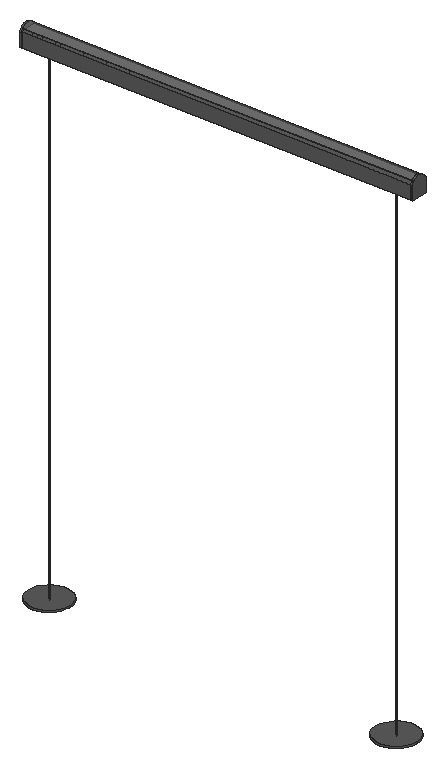
Revit family "Lighting_Linear_LED_Startek_Nova-2z", category Lighting Fixtures, host Face, Revit 2019
Family settings
  Host = Face
  Round Connector Dimension = Use Diameter
  Part Type = Normal
  OmniClass Number = 23.80.70.11
  OmniClass Title = Luminaries for Internal Lighting
  Cut with Voids When Loaded = No
  Light Source = Yes
  Shared = No
  Room Calculation Point = No
Parameters (values of type "Not a Type - Load Type Catalog!")
  z_Middle [instance] = Run Option = z_Option Middle  # no
  Run Option [instance] = Run : Standalone Fixture
  Field Specified Cable Length Override [instance] = no
  End Mount Offset [instance] = 0.00"
  AL10 = Aircraft Cable : with Loop 10' (AL010)
  AL05 [instance] = Aircraft Cable : with Loop 5' (AL05)
  z_End [instance] = Run Option = z_Option End  # no
  z_Start [instance] = Run Option = z_Option Start  # no
  z_Standalone [instance] = Run Option = z_Option Standalone  # yes
  z_Option Start [instance] = Run : Start Fixture
  z_Option Standalone [instance] = Run : Standalone Fixture
  z_Option Middle [instance] = Run : Middle Fixture
  z_Option End [instance] = Run : End Fixture
  z_No of Connectors 1 [instance] = if(or(z_Start, z_Standalone, and(z_End, [Emergency Circuit - End Fixture])), 3, 2)  # 3
  z_Fixed Mounting Points [instance] = and(or(Run Option = z_Option Start, Run Option = z_Option Standalone), Pendant)  # yes
  z_Distance [instance] = if(Mounting = BX4, Cord distance + 0.53", if(or(z_Start, z_Standalone), (Cord distance * 2) + 0.53", if(and(Mounting = SM, or(z_Start, z_Standalone)), (Cord distance * 2) + 0.53", if(and(Mounting = TM, or(z_Start, z_Standalone)), (Cord distance * 2) + 0.53", if(and(Mounting = SM, Run Option = z_Option End), 0.53", if(and(Mounting = TM, Run Option = z_Option End), 0.53", if(and(or(Mounting = AL05, Mounting = AL10, Mounting = AC05, Mounting = AC10), Run Option = z_Option End, [Emergency Circuit - End Fixture]), 0.53", Cord distance + 0.53" - z_Adjustable Size Control)))))))  # 42.97"
  z_Adjustable Size Control [instance] = if(or(z_Standalone, z_Start), 0.00", if(End Mount Offset > Length / 2 - 2.58", Length / 2 - 2.58", End Mount Offset))  # 0.00"
  z_Adjustable Mounting Point [instance] = yes
  Width = 2.00"  # constant formula
  Weight = 0.00 lbf
  Wattage Comments = "Efficacy up to 145 lm/W"
  Wattage = 7.24638 W
  Voltage Range = "120-277V"
  built-in parameter 1150110 = 1 (stored number, unit not read)
  Voltage = 120 V
  URL = "https://starteklightingamerica.com/nova-2/"
  Type Comments = "Linear Lighting Fixture"  # constant formula
  built-in parameter 1114217 = 1 (stored number, unit not read)
  Tilt Angle = 90.00°  # constant formula
  built-in parameter 1150109 = 1 (stored number, unit not read)
  built-in parameter 1150134 = (empty or 0)
  TM = Mounting : T-Grid Mount (TM)
  built-in parameter 1150113 = 1 (stored number, unit not read)
  SM = Mounting : Surface Mount (SM)
  Product data url = "https://www.bimobject.com/startek-lighting/product/nova-2"
  Product Material [instance] = StarTek Lighting - Aluminum - Powder Coat Black
  Power Factor = 0.93
  Photometric Web File = "Generic Light Source Shown : Please download and link the IES file that best matches your fixture specification"
  Photometric Note = "Import IES files https://starteklightingamerica.com/"  # constant formula
  Phase = 1
  Pendant [instance] = and(not(CBX), not(CSM), not(Mounting = TM))  # yes
  Output = "Low"
  Number of Poles = 1
  Mounting [instance] = Aircraft Cable : with Canopy 5' (AC05)
  Mount Finish Note [instance] = "Aircraft cables can be ordered in white (with loop: ALW, with canopy: ACW) and black (with loop: ALB, with canopy: ACB)."  # constant formula
  Mount Finish [instance] = StarTek Lighting - Aluminum - Powder Coat Black
  Model = ""
  Min Cord/Rod Length [instance] = if(Mounting = TM, 10.00", 1.00")  # 1.00"
  Max Cord/Rod Length [instance] = if(or(Mounting = AC05, Mounting = AL05), 60.00", if(or(Mounting = AC10, Mounting = AL10), 120.00", 120.00"))  # 60.00"
  Manufacturer = "StarTek Lighting"  # constant formula
  MEP distance [instance] = if(and(not(CBX), Lamp length 4'), 21.21875", if(and(not(CBX), Lamp length 8'), 45.21875", 0.00"))  # 21.21875"
  Input Wattage = 33 W
  Emergency Circuit - End Fixture [instance] = no
  Distribution = "SD - SatinIne Diffuse"
  Cord/Rod Length [instance] = 60.00"
  Cord distance [instance] = Length / 2 - 2.78"  # 21.22"
  built-in parameter 1150105 = 79.577 (stored number, unit not read)
  Lumens = 1000 lm
  built-in parameter 1150115 = 1 (stored number, unit not read)
  Light Position [instance] = if(CBX, 0.25", 0.125")  # 0.125"
  built-in parameter 1150137 = (empty or 0)
  built-in parameter 1150139 = (empty or 0)
  Length = 48.00"
  Lamp length 8' = Length = 96.00"  # no
  Lamp length 4' = Length = 48.00"  # yes
  built-in parameter 1150112 = 1 (stored number, unit not read)
  built-in parameter 1150114 = 1 (stored number, unit not read)
  Lamp = "LED"  # constant formula
  Keynote = "16500"  # constant formula
  built-in parameter 1150132 = 2
  built-in parameter 1150102 = (empty or 0)
  built-in parameter 1150107 = 3500 (stored number, unit not read)
  built-in parameter 1150138 = (empty or 0)
  built-in parameter 1150106 = 0.79577 (stored number, unit not read)
  Height = 2.39844"  # constant formula
  Frequency = 60 Hz
  Description = "Nova 2"  # constant formula
  Emit from Rectangle Width = 1.50"  # constant formula
  Emit from Rectangle Length = Length - 0.11719"  # 47.88281"
  Emit Shape Visible in Rendering = 2 < 1  # no
  built-in parameter 1150104 = 12.821 (stored number, unit not read)
  Dimming Lamp Color Temperature Shift = <None>
  Default Elevation = 48.00"
  Cord/rod length parameter [instance] = if(CBX, 0.25", if(Mounting = SM, 0.00", if(and(or(Mounting = AC05, Mounting = AL05, Mounting = AC10, Mounting = AL10), not(Field Specified Cable Length Override)), [Max Cord/Rod Length], if(and(Field Specified Cable Length Override, [Cord/Rod Length] < [Min Cord/Rod Length]), [Min Cord/Rod Length], if(and(Field Specified Cable Length Override, [Cord/Rod Length] > [Max Cord/Rod Length]), [Max Cord/Rod Length], [Cord/Rod Length])))))  # 60.00"
  Color Filter = 16777215
  Color [instance] = "Available options: Powder Coat White (PW), Powder Coat Black (PB), Powder Coat Silver (PS), Powder Coat Other (PBO)"  # constant formula
  CTM [instance] = Mounting = TM  # no
  CSM [instance] = Mounting = SM  # no
  CBX [instance] = Mounting = BX4  # no
  built-in parameter 1114218 = 1 (stored number, unit not read)
  BX4 = Mounting : Box Mount 4" Square Mount (BX4)
  built-in parameter 1150133 = 10 (stored number, unit not read)
  Assembly Code = "D5020200"
  Apparent Load = Input Wattage / (Number of Poles * Power Factor)  # 35.4839 VA
  AC10 = Aircraft Cable : with Canopy 10' (AC10)
  AC05 = Aircraft Cable : with Canopy 5' (AC05)
Reference planes (in)
  plane 1 "Center (Front/Back)": y = 0
  plane 2: z = 0
  plane 3 "Center (Left/Right)": x = 0
  plane 4: z = 60
  plane 5: x = -21.22
  plane 6: x = 21.22
  plane 7: x = -21.75147
  plane 8: x = -20.68853
  plane 9: x = 20.68853
  plane 10: x = 21.75147
  plane 11: y = 1.5
  plane 12: y = -1.5
  plane 13: z = 0.125
  plane 14: x = 2
  plane 15: x = -2
  plane 16: y = -2
  plane 17: y = 2
  plane 18: x = -21.21875
  plane 19: x = 21.22
  plane 20 "left": x = -21.21853
  plane 21: x = -24
  plane 22: x = 24
  plane 23: x = -23.8
Forms (in)
  Extrusion 1, solid, not visible
    sketch origin (3.75, 0, -0.03147) x (1, 0, 0) y (0, 0, 1)
      loop
        line (-25.00022, 0.03147) -> (-25.00022, -0.03147) -> (-24.93728, -0.03147) -> (-24.93728, 0.03147) -> (-25.00022, 0.03147)
    from -0.01298 to 0.01043
  Extrusion 2, solid, material "StarTek Lighting - Aluminum - Powder Coat Black" <- "Product Material", visible <- "CSM"
    sketch origin (0, 0, 0) x (1, 0, 0) y (0, 1, 0)
      loop
        line (-21.75147, 1.5) -> (-21.75147, -1.5) -> (-20.68853, -1.5) -> (-20.68853, 1.5) -> (-21.75147, 1.5)
      loop
        line (20.68853, 1.5) -> (20.68853, -1.5) -> (21.75147, -1.5) -> (21.75147, 1.5) -> (20.68853, 1.5)
    from 0 to 0.125
  Extrusion 3, solid, material "StarTek Lighting - Aluminum - Powder Coat Black" <- "Product Material", visible <- "CBX"
    sketch origin (-24, 0, 0) x (1, 0, 0) y (0, 0, 1)
      loop
        line (22, 0.125) -> (22, 0) -> (26, 0) -> (26, 0.125) -> (22, 0.125)
    from -2 to 2
Dimensions and locks (in)
  locked: plane 4 to imposter light at 2.4
  "Cord/rod length parameter": plane 4 to plane 2
  "Cord distance": plane 3 "Center (Left/Right)" to plane 5
  Extrusion 1 sketch curve to level to Extrusion 1 sketch curve = 0.00", 0.06295"
  Extrusion 1 to plane 1 "Center (Front/Back)" to Extrusion 1 = 0.01298" locked, 0.01043" locked
  "Cord distance": plane 6 to plane 3 "Center (Left/Right)"
  plane 7 to plane 5 to plane 8 = 0.53147" locked, 0.53147" locked
  plane 9 to plane 6 to plane 10 = 0.53147" locked, 0.53147" locked
  equal spacing: plane 11, plane 1 "Center (Front/Back)", plane 12
  locked: plane 11 to plane 1 "Center (Front/Back)" at 1.5
  "Light Position": plane 13 to plane 2
  plane 14 to plane 3 "Center (Left/Right)" to plane 15 = 2.00" locked, 2.00" locked
  plane 17 to plane 1 "Center (Front/Back)" to plane 16 = 2.00" locked, 2.00" locked
  Extrusion 3 sketch curve to Extrusion 3 sketch curve = 4.00"
  "MEP distance": plane 3 "Center (Left/Right)" to plane 18
  Extrusion 1 to plane 18 to Extrusion 1 = 0.03147" locked, 0.03147" locked
  locked: nested 3 to plane 7 at 0.53147
  equal spacing: group 3, group 2, group 1
  equal spacing: group 1, group 2, group 3  (x2)
  "z_Distance": plane 20 "left" to plane 10
  "z_Adjustable Size Control": plane 19 to plane 6
  locked: plane 23 to plane 21 at 0.2
  locked: plane 5 to plane 21 at 2.78
  aligned and locked: plane 2 to host face
  aligned and locked: level to host face
  aligned and locked: plane 5 to nested 1
  aligned and locked: Extrusion 2 sketch curve to plane 11  (x2)
  aligned and locked: plane 7 to Extrusion 2 sketch curve
  aligned and locked: Extrusion 2 sketch curve to plane 12  (x2)
  aligned and locked: plane 8 to Extrusion 2 sketch curve
  aligned and locked: plane 9 to Extrusion 2 sketch curve
  aligned and locked: plane 10 to Extrusion 2 sketch curve
  aligned and locked: Extrusion 3 sketch curve to plane 13
  aligned and locked: level to Extrusion 3 sketch curve
  aligned and locked: plane 17 to Extrusion 3
  aligned and locked: plane 16 to Extrusion 3
  aligned and locked: Extrusion 2 to level
  aligned and locked: plane 13 to Extrusion 2
  aligned and locked: plane 14 to Extrusion 3
  aligned and locked: plane 15 to Extrusion 3
  aligned and locked: plane 1 "Center (Front/Back)" to nested 2
  aligned and locked: plane 3 "Center (Left/Right)" to nested 2
  aligned and locked: nested 4 to plane 6
  aligned and locked: plane 1 "Center (Front/Back)" to nested 4
  aligned and locked: plane 1 "Center (Front/Back)" to nested 3
  aligned and locked: plane 19 to nested 5
  aligned and locked: plane 1 "Center (Front/Back)" to nested 1
  aligned and locked: plane 1 "Center (Front/Back)" to nested 5
  aligned and locked: plane 1 "Center (Front/Back)" to nested 6
  aligned and locked: nested 6 to plane 6
  aligned and locked: plane 20 "left" to nested 8
Automatic sketch dimensions
  host sketch curve to host sketch curve = 96.00"  (x2)
  Extrusion 1 sketch curve to plane 5 = 0.03022"
  plane 5 to Extrusion 1 sketch curve = 0.03272"
Nested families (in)
  nested 1: "Aircraft Cable" at (-21.22, 0, 0), type <- "Mounting", visible <- "z_Fixed Mounting Points", type "with Canopy 5' (AC05)"
    with Cord length 60.00"
  nested 2: "Run" at (0, 0, 60), type <- "Run Option", type "Standalone Fixture"
  nested 3: "T Grid Mount" at (-21.22, 0, 0), Cord length <- "Cord/rod length parameter", visible <- "CTM", type "T-Grid Mount"
    with Cord length control 60.00", Cord length 60.00"
  nested 4: "T Grid Mount" at (21.22, 0, 0), Cord length <- "Cord/rod length parameter", visible <- "CTM", type "T-Grid Mount"
    with Cord length control 60.00", Cord length 60.00"
  nested 5: "Aircraft Cable" at (21.22, 0, 0), type <- "Mounting", visible <- "z_Adjustable Mounting Point", type "with Canopy 5' (AC05)"
    with Cord length 60.00"
  nested 6: "Connection" at (21.22, 0, 0), type "Connection"
  nested 7: "Connection" at (0.00074, 0, 0), type "Connection"
  nested 8: "Connection" at (-21.21853, 0, 0), type "Connection"
Connectors (in)
  electrical at (-21.21853, 0, 0), driven by "Power Factor", driven by "Apparent Load", driven by "Voltage", driven by "Number of Poles"
    settings: on nested 8, index 1, voltage 120 V, apparent load 35.4839 VA, apparent load phase1 0 VA, apparent load phase2 0 VA, apparent load phase3 0 VA, power factor 0.93, load classification "Other", number of poles 1, system type 30, power factor state 1, is connector primary yes, connector utility no, sub classification motor no, connector description "Power supply"
Definition of nested family "Aircraft Cable"
  Parameters (values of type "Aircraft Cable with Canopy")
    Default Elevation = 48.00"
    Cord material = none
    Cord length = 120.00"
    Canopy = yes
  Types (2): name | Canopy
    Aircraft Cable with Loop | no
    Aircraft Cable with Canopy | yes
  Reference planes (in)
    plane 1 "Center (Front/Back)": y = 0
    plane 2: z = 0
    plane 3 "Center (Left/Right)": x = 0
    plane 4 "canopy plane": z = 120
    plane 5: x = -0.5
    plane 6: x = 0.5
  Forms (in)
    Extrusion 1, solid, material <- "Cord material"
      sketch origin (0, 0, 0) x (1, 0, 0) y (0, 1, 0)
        loop
          circle (0, 0) r 0.09375
      from 0 to 120
    Extrusion 2, solid, material <- "Cord material", visible <- "Canopy"
      sketch origin (0, 0, 0.19141) x (-1, 0, 0) y (0, -1, 0)
        loop
          circle (0, 0) r 2.5
      from 0 to -0.19141
    Extrusion 3, solid, material <- "Cord material", visible <- "Canopy", not visible
      sketch origin (0, 0, 36) x (-1, 0, 0) y (0, -1, 0)
        loop
          circle (0, 0) r 2.5
      from 0 to -0.19141
  Dimensions and locks (in)
    "Cord length": plane 4 "canopy plane" to plane 2
    plane 5 to plane 3 "Center (Left/Right)" to plane 6 = 0.50" locked, 0.50" locked
    aligned and locked: plane 2 to level
    aligned and locked: plane 4 "canopy plane" to Extrusion 1
    aligned and locked: Extrusion 2 to plane 2
  Automatic sketch dimensions
    plane 1 "Center (Front/Back)" to Extrusion 1 sketch curve = 0.00"
    Extrusion 1 sketch curve to plane 3 "Center (Left/Right)" = 0.00"
    plane 1 "Center (Front/Back)" to Extrusion 2 sketch curve = 0.00"
    Extrusion 2 sketch curve to plane 3 "Center (Left/Right)" = 0.00"
    radius of Extrusion 1 sketch curve = 0.09375"
    radius of Extrusion 2 sketch curve = 2.50"
Definition of nested family "Run"
  Parameters (values of type "Middle Fixture")
    z_Start = no
    z_Standalone = no
    z_End = no
    Width = 2.00"  # constant formula
    URL = ""
    Type Comments = ""
    Model = ""
    Manufacturer = ""
    Length = 48.00"
    Lamp Finish = none
    Keynote = ""
    Height = 2.39844"  # constant formula
    Description = ""
    Default Elevation = 48.00"
    Assembly Code = ""
  Types (4): name | z_Start | z_End
    Middle Fixture | no | no
    End Fixture | no | yes
    Start Fixture | yes | no
    Standalone Fixture | yes | yes
  Reference planes (in)
    plane 1 "Center (Front/Back)": y = 0
    plane 2: z = 0
    plane 3 "Center (Left/Right)": x = 0
    plane 4: x = -24
    plane 5: x = 24
    plane 6: x = -23.8
    plane 7: x = 23.8
  Forms (in)
    Extrusion 1, solid
      sketch origin (0, 0, 0) x (1, 0, 0) y (0, 1, 0)
        loop
          line (-48, 48) -> (-48, -48) -> (48, -48) -> (48, 48) -> (-48, 48)
      from 0 to -12
    Extrusion 2, solid, material <- "Lamp Finish", detail levels coarse
      sketch origin (0, 0, 0) x (0, 1, 0) y (0, 0, 1)
        loop
          line (1, 2.38761) -> (-1, 2.38761) -> (-1, 0) -> (1, 0) -> (1, 2.38761)
      from -24 to 24
    Extrusion 3, solid, material <- "Lamp Finish", visible <- "z_End", detail levels medium+fine
      sketch origin (0, 0, 0) x (0, 1, 0) y (0, 0, 1)
        loop
          line (1, 0) -> (1, 1.63761)
          arc (1, 1.63761) -> (0.92222, 1.83017) -> (0.77022, 1.97169) r 0.47878
          arc (0.77022, 1.97169) -> (0, 2.38761) -> (-0.77022, 1.97169) r 0.92112
          arc (-0.77022, 1.97169) -> (-0.92222, 1.83017) -> (-1, 1.63761) r 0.47878
          line (-1, 1.63761) -> (-1, 0) -> (1, 0)
      from 23.8 to 24
    Extrusion 4, solid, material <- "Lamp Finish", visible <- "z_Start", detail levels medium+fine
      sketch origin (0, 0, 0) x (0, 1, 0) y (0, 0, -1)
        loop
          line (1, 0) -> (-1, 0) -> (-1, -1.63761)
          arc (-1, -1.63761) -> (-0.92222, -1.83017) -> (-0.77022, -1.97169) r 0.47878
          arc (-0.77022, -1.97169) -> (0, -2.38761) -> (0.77022, -1.97169) r 0.92112
          arc (0.77022, -1.97169) -> (0.92222, -1.83017) -> (1, -1.63761) r 0.47878
          line (1, -1.63761) -> (1, 0)
      from 23.8 to 24
    Extrusion 5, solid, material <- "Lamp Finish", detail levels fine
      sketch origin (0, 0, 0) x (0, 1, 0) y (0, 0, 1)
        loop
          line (-0.7868, 1.90084) -> (-0.7868, 1.96764) -> (-0.99251, 1.69465)
          arc (-0.99251, 1.69465) -> (-1.00078, 0.84734) -> (-1, 0) r 79.42899
          line (-1, 0) -> (1, 0)
          arc (1, 0) -> (1.00457, 0.84502) -> (0.99305, 1.68997) r 44.36187
          arc (0.99305, 1.68997) -> (0.91165, 1.84494) -> (0.7868, 1.96764) r 0.56627
          line (0.7868, 1.96764) -> (0.7868, 1.90084) -> (-0.7868, 1.90084)
      from -23.8 to 23.8
    Extrusion 6, solid, detail levels fine
      sketch origin (0, 0, 0) x (0, 1, 0) y (0, 0, 1)
        loop
          line (0.77022, 1.91741) -> (0.77022, 1.97169)
          spline (0.77022, 1.97169) -> (0.67996, 2.09223) -> (0.56759, 2.19326) -> (0.44, 2.2746) -> (0.30183, 2.33519) -> (0.15602, 2.37328) -> (0.00577, 2.38752) -> (-0.14496, 2.37737) -> (-0.29202, 2.34256) -> (-0.43065, 2.28348) -> (-0.55592, 2.20097) -> (-0.66735, 2.09963) -> (-0.77022, 1.98901)
          line (-0.77022, 1.98901) -> (-0.77022, 1.91741) -> (0.77022, 1.91741)
      from -23.8 to 23.8
    Extrusion 7, solid, material <- "Lamp Finish", detail levels medium
      sketch origin (0, 0, 0) x (0, 1, 0) y (0, 0, 1)
        loop
          arc (0.76148, 1.98476) -> (0, 2.38761) -> (-0.76148, 1.98476) r 0.92112
          arc (-0.76148, 1.98476) -> (-0.9019, 1.85768) -> (-0.99256, 1.6914) r 0.56627
          arc (-0.99256, 1.6914) -> (-1.00078, 0.84572) -> (-1, 0) r 79.42899
          line (-1, 0) -> (1, 0)
          arc (1, 0) -> (1.00457, 0.84502) -> (0.99305, 1.68997) r 44.36187
          arc (0.99305, 1.68997) -> (0.90237, 1.85708) -> (0.76148, 1.98476) r 0.56627
      from -23.8 to 23.8
    Extrusion 8, solid, material <- "Lamp Finish", visible <- "z_Start", detail levels medium+fine
      sketch origin (0, 0, 0) x (0, 1, 0) y (0, 0, -1)
        loop
          line (1, 0) -> (-1, 0) -> (-1, -1.63761)
          arc (-1, -1.63761) -> (-0.92222, -1.83017) -> (-0.77022, -1.97169) r 0.47878
          arc (-0.77022, -1.97169) -> (0, -2.38761) -> (0.77022, -1.97169) r 0.92112
          arc (0.77022, -1.97169) -> (0.92222, -1.83017) -> (1, -1.63761) r 0.47878
          line (1, -1.63761) -> (1, 0)
      from 23.8 to 24
  Lines and regions (in)
    Masking region 1
      outline origin (0, 0, 0) x (1, 0, 0) y (0, 1, 0)
        loop
          line (-23.8, 1) -> (-23.8, -1) -> (23.8, -1) -> (23.8, 1) -> (-23.8, 1)
    Masking region 2, detail levels fine
      outline origin (0, 0, 0) x (1, 0, 0) y (0, 1, 0)
        loop
          line (-23.8, -0.77022) -> (23.8, -0.77022) -> (23.8, 0.77022) -> (-23.8, 0.77022) -> (-23.8, -0.77022)
    Masking region 3, visible <- "z_Start"
      outline origin (0, 0, 0) x (1, 0, 0) y (0, 1, 0)
        loop
          line (-24, 1) -> (-24, -1) -> (-23.8, -1) -> (-23.8, 1) -> (-24, 1)
    Masking region 4, visible <- "z_End"
      outline origin (0, 0, 0) x (1, 0, 0) y (0, 1, 0)
        loop
          line (24, -1) -> (24, 1) -> (23.8, 1) -> (23.8, -1) -> (24, -1)
  Dimensions and locks (in)
    equal spacing: plane 4, plane 3 "Center (Left/Right)", plane 5
    "Length": plane 4 to plane 5
    locked: plane 7 to plane 5 at 0.2
    locked: plane 4 to plane 6 at 0.2
    aligned and locked: plane 2 to Extrusion 1
    aligned and locked: level to Extrusion 1
    aligned and locked: Extrusion 2 to plane 4
    aligned and locked: plane 5 to Extrusion 2
    aligned and locked: Extrusion 3 to plane 5
    aligned and locked: plane 7 to Extrusion 3
    aligned and locked: plane 4 to Extrusion 4
    aligned and locked: Extrusion 4 to plane 6
    aligned and locked: plane 6 to Extrusion 5
    aligned and locked: Extrusion 5 to plane 7
    aligned and locked: plane 6 to Extrusion 6
    aligned and locked: Extrusion 6 to plane 7
    aligned and locked: plane 6 to Extrusion 7
    aligned and locked: Extrusion 7 to plane 7
    aligned and locked: Masking region 2 sketch curve to plane 6
    aligned and locked: plane 7 to Masking region 2 sketch curve
    aligned and locked: Extrusion 8 to plane 4
    aligned and locked: Extrusion 8 to plane 6
    aligned and locked: Masking region 1 sketch curve to plane 6
    aligned and locked: plane 7 to Masking region 1 sketch curve
    aligned and locked: Masking region 3 sketch curve to Extrusion 2  (x2)
    aligned and locked: Masking region 3 sketch curve to plane 6
    aligned and locked: Extrusion 2 to Masking region 3 sketch curve
    aligned and locked: Masking region 4 sketch curve to Extrusion 2  (x2)
    aligned and locked: Masking region 4 sketch curve to plane 7
    aligned and locked: Extrusion 2 to Masking region 4 sketch curve
  Automatic sketch dimensions
    Extrusion 1 sketch curve to Extrusion 1 sketch curve = 96.00"  (x2)
    plane 1 "Center (Front/Back)" to Extrusion 2 sketch curve = 1.00"
    Extrusion 2 sketch curve to level = 0.00"
    Extrusion 2 sketch curve to plane 1 "Center (Front/Back)" = 1.00"
    level to Extrusion 2 sketch curve = 2.38761"
    Extrusion 3 sketch curve to level = 0.00"
    Extrusion 3 sketch curve to plane 1 "Center (Front/Back)" = 0.00"
    plane 1 "Center (Front/Back)" to Extrusion 3 sketch curve = 0.52774"
    Extrusion 3 sketch curve to Extrusion 3 sketch curve = 0.47226"
    Extrusion 3 sketch curve to plane 1 "Center (Front/Back)" = 0.52774"
    Extrusion 3 sketch curve to plane 1 "Center (Front/Back)" = 1.00"
    level to Extrusion 3 sketch curve = 1.46649"
    Extrusion 3 sketch curve to Extrusion 3 sketch curve = 0.09236"  (x2)
    Extrusion 3 sketch curve to Extrusion 3 sketch curve = 0.07876"  (x2)
    Extrusion 3 sketch curve to Extrusion 3 sketch curve = 0.22978"
    Extrusion 4 sketch curve to level = 0.00"
    Extrusion 4 sketch curve to plane 1 "Center (Front/Back)" = 0.00"
    plane 1 "Center (Front/Back)" to Extrusion 4 sketch curve = 0.52774"
    Extrusion 4 sketch curve to Extrusion 4 sketch curve = 0.47226"
    Extrusion 4 sketch curve to plane 1 "Center (Front/Back)" = 0.52774"
    Extrusion 4 sketch curve to plane 1 "Center (Front/Back)" = 1.00"
    level to Extrusion 4 sketch curve = 1.46649"
    Extrusion 4 sketch curve to Extrusion 4 sketch curve = 0.09236"  (x2)
    Extrusion 4 sketch curve to Extrusion 4 sketch curve = 0.07876"  (x2)
    Extrusion 4 sketch curve to Extrusion 4 sketch curve = 0.22978"
    level to Extrusion 5 sketch curve = 0.66266"
    plane 1 "Center (Front/Back)" to Extrusion 5 sketch curve = 43.35692"
    Extrusion 5 sketch curve to level = 0.00"
    plane 1 "Center (Front/Back)" to Extrusion 5 sketch curve = 1.00"
    plane 1 "Center (Front/Back)" to Extrusion 5 sketch curve = 0.99251"
    Extrusion 5 sketch curve to Extrusion 5 sketch curve = 0.20572"
    Extrusion 5 sketch curve to plane 1 "Center (Front/Back)" = 0.45706"
    Extrusion 5 sketch curve to Extrusion 5 sketch curve = 0.32973"
    Extrusion 5 sketch curve to plane 1 "Center (Front/Back)" = 1.00"
    level to Extrusion 5 sketch curve = 0.4965"
    Extrusion 5 sketch curve to Extrusion 5 sketch curve = 77.42744"
    Extrusion 5 sketch curve to Extrusion 5 sketch curve = 0.18737"
    Extrusion 5 sketch curve to Extrusion 5 sketch curve = 0.39356"
    Extrusion 5 sketch curve to Extrusion 5 sketch curve = 0.06681"  (x2)
    plane 1 "Center (Front/Back)" to Extrusion 6 sketch curve = 0.77022"
    Extrusion 6 sketch curve to plane 1 "Center (Front/Back)" = 0.77022"
    level to Extrusion 6 sketch curve = 1.91741"
    Extrusion 6 sketch curve to Extrusion 6 sketch curve = 0.05427"
    Extrusion 6 sketch curve to Extrusion 6 sketch curve = 0.07159"
    Extrusion 7 sketch curve to plane 1 "Center (Front/Back)" = 0.00"
    plane 1 "Center (Front/Back)" to Extrusion 7 sketch curve = 0.45706"
    Extrusion 7 sketch curve to level = 0.00"
    plane 1 "Center (Front/Back)" to Extrusion 7 sketch curve = 1.00"
    level to Extrusion 7 sketch curve = 0.66266"
    Extrusion 7 sketch curve to Extrusion 7 sketch curve = 42.35692"
    Extrusion 7 sketch curve to plane 1 "Center (Front/Back)" = 0.45706"
    Extrusion 7 sketch curve to plane 1 "Center (Front/Back)" = 1.00"
    level to Extrusion 7 sketch curve = 0.4965"
    Extrusion 7 sketch curve to Extrusion 7 sketch curve = 77.42744"
    level to Extrusion 7 sketch curve = 1.46649"
    Extrusion 7 sketch curve to Extrusion 7 sketch curve = 0.04079"  (x2)
    Extrusion 7 sketch curve to Extrusion 7 sketch curve = 0.30442"  (x2)
    Extrusion 7 sketch curve to Extrusion 7 sketch curve = 0.23108"
    plane 1 "Center (Front/Back)" to Masking region 1 sketch curve = 1.00"
    Masking region 1 sketch curve to plane 1 "Center (Front/Back)" = 1.00"
    plane 1 "Center (Front/Back)" to Masking region 2 sketch curve = 0.77022"
    Masking region 2 sketch curve to plane 1 "Center (Front/Back)" = 0.77022"
    Extrusion 8 sketch curve to level = 0.00"
    Extrusion 8 sketch curve to plane 1 "Center (Front/Back)" = 0.00"
    plane 1 "Center (Front/Back)" to Extrusion 8 sketch curve = 0.52774"
    Extrusion 8 sketch curve to Extrusion 8 sketch curve = 0.47226"
    Extrusion 8 sketch curve to plane 1 "Center (Front/Back)" = 0.52774"
    Extrusion 8 sketch curve to plane 1 "Center (Front/Back)" = 1.00"
    level to Extrusion 8 sketch curve = 1.46649"
    Extrusion 8 sketch curve to Extrusion 8 sketch curve = 0.09236"  (x2)
    Extrusion 8 sketch curve to Extrusion 8 sketch curve = 0.07876"  (x2)
    Extrusion 8 sketch curve to Extrusion 8 sketch curve = 0.22978"
Definition of nested family "T Grid Mount"
  Parameters (values of type "T-Grid Mount")
    Default Elevation = 48.00"
    Cord material = none
    MAX cord length = 60.00"
    Cord length control [instance] = if(Cord length < 0.50", 0.50", Cord length)  # 36.00"
    Cord length [instance] = 36.00"
  Reference planes (in)
    plane 1 "Center (Front/Back)": y = 0
    plane 2: z = 0
    plane 3 "Center (Left/Right)": x = 0
    plane 4 "canopy plane": z = 36
    plane 5: z = 35.5
    plane 6: z = 33.16358
  Forms (in)
    Extrusion 1, solid, material <- "Cord material", not visible
      sketch origin (0, 0, 36) x (-1, 0, 0) y (0, -1, 0)
        loop
          circle (0, 0) r 2.5
      from 0 to -0.19141
    Extrusion 2, solid, material <- "Cord material", detail levels medium+fine
      sketch origin (0, 0, -24.00077) x (0, 1, 0) y (0, 0, 1)
        loop
          line (0.29883, 60.07585) -> (0.29883, 59.53202) -> (-0.29883, 59.53202) -> (-0.29883, 60.07585) -> (-0.0957, 60.07585) -> (-0.0957, 60.1071) -> (-0.33008, 60.1071) -> (-0.33008, 59.50077) -> (0.33008, 59.50077) -> (0.33008, 60.1071) -> (0.0957, 60.1071) -> (0.0957, 60.07585) -> (0.29883, 60.07585)
      from -0.2653 to 0.25
    Extrusion 3, solid, material <- "Cord material"
      sketch origin (0, 0, -25.50077) x (0, 1, 0) y (0, 0, 1)
        loop
          line (0.20312, 60.96952) -> (-0.20312, 60.96952) -> (-0.20312, 60.4257) -> (0.20312, 60.4257) -> (0.20312, 60.96952)
        loop
          line (0.23437, 61.00077) -> (-0.23437, 61.00077) -> (-0.23437, 60.39445) -> (-0.01562, 60.39445) -> (-0.01562, 59.8791) -> (-0.07332, 59.82141) -> (-0.07332, 59.24735) -> (-0.01562, 59.18965) -> (-0.01562, 58.66435) -> (0.01562, 58.66435) -> (0.01562, 59.18965) -> (0.07332, 59.24735) -> (0.07332, 59.82141) -> (0.01562, 59.8791) -> (0.01562, 60.39445) -> (0.23437, 60.39445) -> (0.23437, 61.00077)
        loop
          line (0.04207, 59.80847) -> (0, 59.85054) -> (-0.04207, 59.80847) -> (-0.04207, 59.26029) -> (0, 59.21822) -> (0.04207, 59.26029) -> (0.04207, 59.80847)
      from -0.2653 to 0.25
    Extrusion 4, solid, material <- "Cord material", detail levels medium+fine
      sketch origin (0, 0, 0) x (1, 0, 0) y (0, 1, 0)
        loop
          circle (0, 0) r 0.09375
      from 0 to 33.16358
  Dimensions and locks (in)
    "Cord length control": plane 4 "canopy plane" to plane 2
    locked: plane 4 "canopy plane" to plane 5 at 0.5
    Extrusion 2 to plane 3 "Center (Left/Right)" to Extrusion 2 = 0.2653" locked, 0.25" locked
    Extrusion 3 to Extrusion 3 = 0.5153"
    locked: plane 5 to plane 6 at 2.33642
    aligned and locked: plane 2 to level
    aligned and locked: Extrusion 4 to plane 6
  Automatic sketch dimensions
    Extrusion 2 sketch curve to plane 5 = 0.00"
    plane 4 "canopy plane" to Extrusion 2 sketch curve = 0.10632"
    plane 1 "Center (Front/Back)" to Extrusion 2 sketch curve = 0.33008"
    Extrusion 2 sketch curve to Extrusion 2 sketch curve = 0.03125"  (x4)
    plane 1 "Center (Front/Back)" to Extrusion 2 sketch curve = 0.0957"
    Extrusion 2 sketch curve to plane 1 "Center (Front/Back)" = 0.0957"
    plane 4 "canopy plane" to Extrusion 2 sketch curve = 0.07507"
    Extrusion 2 sketch curve to Extrusion 2 sketch curve = 0.20313"
    plane 5 to Extrusion 2 sketch curve = 0.03125"
    Extrusion 3 sketch curve to plane 5 = 0.00"
    Extrusion 3 sketch curve to plane 1 "Center (Front/Back)" = 0.00"  (x2)
    plane 1 "Center (Front/Back)" to Extrusion 3 sketch curve = 0.01562"  (x2)
    plane 1 "Center (Front/Back)" to Extrusion 3 sketch curve = 0.04207"
    Extrusion 3 sketch curve to Extrusion 3 sketch curve = 0.03125"  (x6)
    Extrusion 3 sketch curve to plane 5 = 0.03125"
    plane 1 "Center (Front/Back)" to Extrusion 3 sketch curve = 0.20312"
    Extrusion 3 sketch curve to plane 1 "Center (Front/Back)" = 0.01562"
    Extrusion 3 sketch curve to plane 1 "Center (Front/Back)" = 0.01563"
    Extrusion 3 sketch curve to plane 1 "Center (Front/Back)" = 0.04207"
    Extrusion 3 sketch curve to plane 1 "Center (Front/Back)" = 0.20313"
    Extrusion 3 sketch curve to Extrusion 3 sketch curve = 0.54382"
    Extrusion 3 sketch curve to Extrusion 3 sketch curve = 0.51534"
    Extrusion 3 sketch curve to Extrusion 3 sketch curve = 0.00"  (x3)
    Extrusion 3 sketch curve to Extrusion 3 sketch curve = 0.02857"  (x2)
    Extrusion 3 sketch curve to Extrusion 3 sketch curve = 0.02913"  (x2)
    Extrusion 3 sketch curve to Extrusion 3 sketch curve = 0.01294"  (x3)
    Extrusion 3 sketch curve to Extrusion 3 sketch curve = 0.54818"
    Extrusion 3 sketch curve to Extrusion 3 sketch curve = 0.5253"
    plane 1 "Center (Front/Back)" to Extrusion 4 sketch curve = 0.00"
    Extrusion 4 sketch curve to plane 3 "Center (Left/Right)" = 0.00"
    radius of Extrusion 1 sketch curve = 2.50"
    radius of Extrusion 4 sketch curve = 0.09375"
Definition of nested family "Connection"
  Parameters (values of type "Connection")
    Default Elevation = 48.00"
  Reference planes (in)
    plane 1 "Center (Front/Back)": y = 0
    plane 2: z = 0
    plane 3 "Center (Left/Right)": x = 0
  Forms (in)
    Extrusion 1, solid
      sketch origin (0, 0, 0) x (1, 0, 0) y (0, 1, 0)
        loop
          line (-48, 48) -> (-48, -48) -> (48, -48) -> (48, 48) -> (-48, 48)
      from 0 to -12
    Extrusion 2, solid, not visible
      sketch origin (0, 0, 0) x (1, 0, 0) y (0, 1, 0)
        loop
          circle (0, 0) r 0.19685
      from 0 to 0.19321
  Dimensions and locks (in)
    aligned and locked: plane 2 to Extrusion 1
    aligned and locked: level to Extrusion 1
